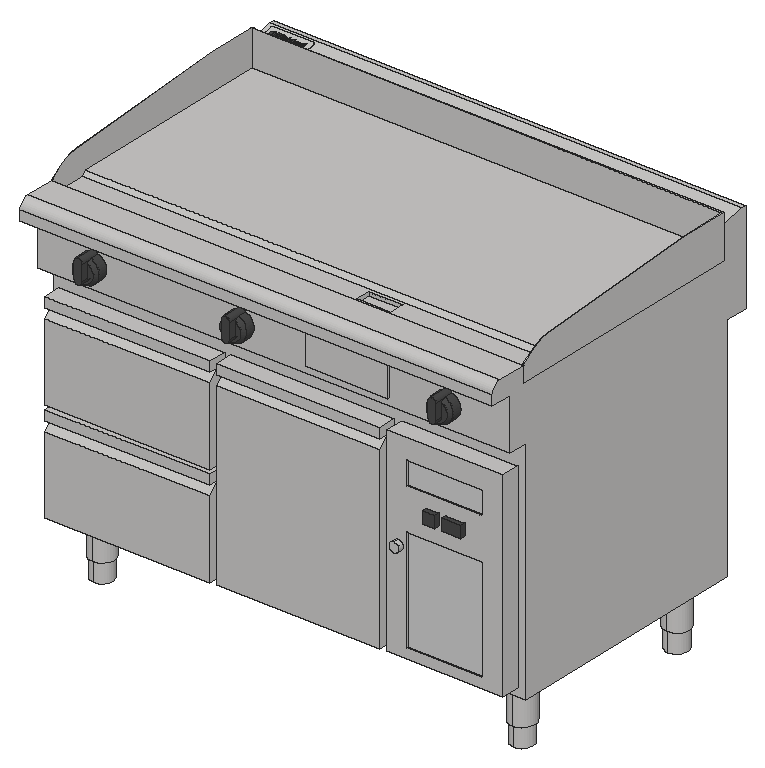
Revit family "QF_MOFFAT WALDORF_GPL8120E-RB", category Specialty Equipment, Revit 2012
Parameters
  Width [instance] = 1200.0 mm  # constant formula
  Weight in Pounds = 396.8316  # constant formula
  Watts = 16200 W
  Volts = 415 V
  URL Cutsheet = "www.moffat.com"
  URL = "www.moffat.com"
  Type Mark [instance] = ""
  Status [instance] = ""
  Specification by User [instance] = ""
  Specification by Manufacturer = ""
  Show Logo [instance] = yes
  Show Clearance [instance] = yes
  Show Casters [instance] = no
  Serial Number = ""
  Seismic Rating = ""
  SMACNA No = ""
  Revision Code [instance] = ""
  Refrigerant Type = "R134a"
  Phase = 3
  Omniclass Number and Title = ""
  Number of Poles = 1
  NAFEM Spec ID Number = ""
  Model = "GPL8120E-RB"
  Min Ckt Ampacity = 0 A
  Max Overcurrent Protection = 0 A
  Masterspec = ""
  Manufacturer = "MOFFAT WALDORF"
  Legs [instance] = not(Show Casters)  # yes
  Item Number [instance] = ""
  Installed By [instance] = ""
  Identify Quantity as Lot [instance] = yes
  Height [instance] = 370.0 mm  # constant formula
  HP = ""
  Furnished By [instance] = ""
  Foodservice Equipment Identifier [instance] = yes
  FL Amps = 22.5 A
  Elec Conn RI Height = 0.0 mm
  Elec Conn Connection Height = 0.0 mm
  Description = "GRIDDLE PLATE LOW SPLASHBACK ELECTRIC ON REFRIGERATED BASE"
  Depth [instance] = 805.0 mm  # constant formula
  Cycle = 50 Hz
  Conn Plug = ""
  Conn Conduit = yes
  CSI MasterFormat = ""
  CSI Master Format = ""
  Base Height [instance] = 150.0 mm
  Apparent Power = if(Phase = 3, Volts * FL Amps * 1.73, Volts * FL Amps)  # 16153.9 VA
Reference planes
  plane 1 "BACK": y = 0
  plane 2: z = 0
  plane 3 "LEFT": x = 0
  plane 4 "RIGHT": x = 1200
  plane 5 "FRONT": y = -805
  plane 6 "TOP": z = 970
  plane 7 "Center Y": x = 600
  plane 8 "Center X": y = -402.5
  plane 9 "Base Height": z = 150
  plane 10: x = 65
  plane 11: x = 1134
  plane 12: z = 915
  plane 13: x = 1181
  plane 14: x = 923
  plane 15: z = 710
  plane 16: y = -135
  plane 17: y = -625
Forms (mm)
  Extrusion 1, solid, material "QF_Finishes_Stainless Steel"
    sketch origin (0, 0, 0) x (0, 1, 0) y (0, 0, 1)
      loop
        line (-805, 891) -> (-805, 866) -> (-749, 866) -> (-749, 735) -> (-699, 735) -> (-699, 150) -> (-59, 150) -> (-59, 735) -> (0, 735) -> (0, 970) -> (-12.853, 970) -> (-62.586, 957.6)
        arc (-62.586, 957.6) -> (-68.508, 953.278) -> (-70, 946.1) r 10.198
        line (-70, 946.1) -> (-70, 875) -> (-705, 875) -> (-705, 915) -> (-781, 915)
        arc (-781, 915) -> (-797.971, 907.971) -> (-805, 891) r 24
    from 0 to 1200
  Extrusion 2, solid, material "QF_Finishes_Stainless Steel"
    sketch origin (705, 3, 100) x (1, 0, 0) y (0, 1, 0)
      loop
        circle (364, -35) r 13.5
    from 610 to 635
  Revolve 3, solid, material "QF_Finishes_Black"
    sketch origin (150, 0, 599.873) x (0, 1, 0) y (0, 0, -1)
      loop
        line (-782, -229.5) -> (-759, -229.5) -> (-759, -202) -> (-749, -202) -> (-749, -197) -> (-793, -197) -> (-793, -223.651) -> (-782, -229.5)
      axis (-793, -197) -> (-749, -197)
    angle from 0 to 360
  Extrusion 4, solid, material "QF_Finishes_Black"
    sketch origin (288.27, 0, 600.031) x (-1, 0, 0) y (0, 0, -1)
      loop
        arc (148.269, -184.969) -> (138.269, -174.969) -> (128.269, -184.969) r 10
        line (128.269, -184.969) -> (128.269, -223.969)
        arc (128.269, -223.969) -> (138.269, -233.969) -> (148.269, -223.969) r 10
        line (148.269, -223.969) -> (148.269, -184.969)
    from 759 to 808
  Extrusion 5, solid, material "QF_Finishes_Stainless Steel"
    sketch origin (42.8, -749, 866) x (0, 0, -1) y (1, 0, 0)
      loop
        line (26.5, 640) -> (113.5, 640) -> (113.5, 850) -> (26.5, 850) -> (26.5, 640)
    from 0 to 2.5
  Extrusion 6, solid, material "QF_Finishes_Stainless Steel"
    sketch origin (42.8, -751.5, 866) x (0, 0, -1) y (1, 0, 0)
      loop
        line (33.5, 850) -> (26.5, 850) -> (26.5, 640) -> (33.5, 640) -> (33.5, 850)
    from 0 to 5
  Revolve 7, solid, material "QF_Finishes_Black"
    sketch origin (1050, 0, 599.873) x (0, 1, 0) y (0, 0, 1)
      loop
        line (-782, 229.5) -> (-793, 223.651) -> (-793, 197) -> (-749, 197) -> (-749, 202) -> (-759, 202) -> (-759, 229.5) -> (-782, 229.5)
      axis (-793, 197) -> (-749, 197)
    angle from 0 to 360
  Extrusion 8, solid, material "QF_Finishes_Black"
    sketch origin (911.73, 0, 600.031) x (1, 0, 0) y (0, 0, 1)
      loop
        line (148.269, 184.969) -> (148.269, 223.969)
        arc (148.269, 223.969) -> (138.269, 233.969) -> (128.269, 223.969) r 10
        line (128.269, 223.969) -> (128.269, 184.969)
        arc (128.269, 184.969) -> (138.269, 174.969) -> (148.269, 184.969) r 10
    from 759 to 808
  Revolve 9, solid, material "QF_Finishes_Black"
    sketch origin (525, 0, 599.873) x (0, 1, 0) y (0, 0, -1)
      loop
        line (-782, -229.5) -> (-759, -229.5) -> (-759, -202) -> (-749, -202) -> (-749, -197) -> (-793, -197) -> (-793, -223.651) -> (-782, -229.5)
      axis (-793, -197) -> (-749, -197)
    angle from 0 to 360
  Extrusion 10, solid, material "QF_Finishes_Black"
    sketch origin (663.27, 0, 600.031) x (-1, 0, 0) y (0, 0, -1)
      loop
        arc (148.269, -184.969) -> (138.269, -174.969) -> (128.269, -184.969) r 10
        line (128.269, -184.969) -> (128.269, -223.969)
        arc (128.269, -223.969) -> (138.269, -233.969) -> (148.269, -223.969) r 10
        line (148.269, -223.969) -> (148.269, -184.969)
    from 759 to 808
  Revolve 11, solid, material "QF_Finishes_Stainless Steel", visible <- "Legs"
    sketch origin (1133, -245, 0) x (0, 1, 0) y (0, 0, -1)
      loop
        line (78.25, -150) -> (110, -150) -> (110, 0) -> (82.5, 0) -> (82.5, -50) -> (78.25, -50) -> (78.25, -150)
      axis (110, -150) -> (110, 0)
    angle from 0 to 360
  Revolve 12, solid, material "QF_Finishes_Stainless Steel"
    sketch origin (1133, -735, 0) x (0, 1, 0) y (0, 0, -1)
      loop
        line (78.25, -150) -> (110, -150) -> (110, 0) -> (82.5, 0) -> (82.5, -50) -> (78.25, -50) -> (78.25, -150)
      axis (110, -150) -> (110, 0)
    angle from 0 to 360
  Revolve 13, solid, material "QF_Finishes_Stainless Steel", visible <- "Legs"
    sketch origin (65, -245, 0) x (0, 1, 0) y (0, 0, -1)
      loop
        line (78.25, -150) -> (110, -150) -> (110, 0) -> (82.5, 0) -> (82.5, -50) -> (78.25, -50) -> (78.25, -150)
      axis (110, -150) -> (110, 0)
    angle from 0 to 360
  Revolve 14, solid, material "QF_Finishes_Stainless Steel"
    sketch origin (65, -735, 0) x (0, 1, 0) y (0, 0, -1)
      loop
        line (78.25, -150) -> (110, -150) -> (110, 0) -> (82.5, 0) -> (82.5, -50) -> (78.25, -50) -> (78.25, -150)
      axis (110, -150) -> (110, 0)
    angle from 0 to 360
  Extrusion 15, solid, material "QF_Finishes_Stainless Steel"
    sketch origin (0, 0, 0) x (0, 1, 0) y (0, 0, 1)
      loop
        line (-749.5, 676.8) -> (-749.5, 651.8) -> (-724.5, 651.8) -> (-749.5, 626.8) -> (-749.5, 429.8) -> (-704.68, 429.8) -> (-704.68, 676.8) -> (-749.5, 676.8)
      loop
        line (-749.5, 419.8) -> (-749.5, 394.8) -> (-724.5, 394.8) -> (-749.5, 369.8) -> (-749.5, 172.8) -> (-704.68, 172.8) -> (-704.68, 419.8) -> (-749.5, 419.8)
    from 19 to 439
  Extrusion 16, solid, material "QF_Finishes_Stainless Steel"
    sketch origin (0, -699, 735) x (0, 0, 1) y (-1, 0, 0)
      loop
        line (-58.2, -1181) -> (-58.2, -887) -> (-562.2, -887) -> (-562.2, -1181) -> (-58.2, -1181)
      loop
        line (-537.2, -1131) -> (-272.2, -1131) -> (-272.2, -937) -> (-537.2, -937) -> (-537.2, -1131)
      loop
        line (-108.2, -1131) -> (-108.2, -937) -> (-168.2, -937) -> (-168.2, -1131) -> (-108.2, -1131)
    from 0 to 48
  Extrusion 17, solid, material "QF_Finishes_Vents"
    sketch origin (0, -699, 735) x (0, 0, -1) y (-1, 0, 0)
      loop
        line (168.2, -937) -> (108.2, -937) -> (108.2, -1131) -> (168.2, -1131) -> (168.2, -937)
      loop
        line (272.2, -937) -> (272.2, -1131) -> (537.2, -1131) -> (537.2, -937) -> (272.2, -937)
    from 0 to -44.529
  Extrusion 18, solid, material "QF_Door-Drawer Clearances", visible <- "Show Clearance", detail levels coarse
    sketch origin (0, -749.5, 172.8) x (0, 0, 1) y (-1, 0, 0)
      loop
        line (0, -19) -> (0, -439) -> (247, -439) -> (247, -19) -> (0, -19)
      loop
        line (257, -19) -> (257, -439) -> (504, -439) -> (504, -19) -> (257, -19)
    from 0 to 304.8
  Extrusion 19, solid, material "QF_Finishes_Stainless Steel"
    sketch origin (1200, 0, 0) x (0, -1, 0) y (0, 0, 1)
      loop
        line (704.68, 172.8) -> (749.5, 172.8) -> (749.5, 626.8) -> (724.5, 651.8) -> (749.5, 651.8) -> (749.5, 676.8) -> (704.68, 676.8) -> (704.68, 172.8)
    from 330.87 to 744.481
  Extrusion 20, solid, material "QF_Door-Drawer Clearances", visible <- "Show Clearance", detail levels coarse
    sketch origin (1200, -749.5, 172.8) x (1, 0, 0) y (0, -1, 0)
      loop
        line (-744.481, 0) -> (-330.87, 0) -> (-330.87, 413.611)
        arc (-330.87, 413.611) -> (-623.337, 292.467) -> (-744.481, 0) r 413.611
    from 0 to -504
  Extrusion 21, solid, material "QF_Finishes_Black"
    sketch origin (0, -747, 735) x (0, 0, 1) y (-1, 0, 0)
      loop
        line (-201.46, -987.426) -> (-231.46, -987.426) -> (-231.46, -1017.426) -> (-201.46, -1017.426) -> (-201.46, -987.426)
      loop
        line (-201.46, -1035.003) -> (-231.46, -1035.003) -> (-231.46, -1083.315) -> (-201.46, -1083.315) -> (-201.46, -1035.003)
    from 0 to 12.7
  Extrusion 22, solid, material "QF_Finishes_Stainless Steel"
    sketch origin (0, -747, 735) x (0, 0, 1) y (-1, 0, 0)
      loop
        circle (-310.229, -914.856) r 12.395
    from 0 to 12.7
Cuts and joins
  joined: Extrusion 5, Extrusion 6
Lines and regions (mm)
  Split face 1
    outline origin (49.063, -19.917, 968.239) x (0, -0.970296, -0.241922) y (1, 0, 0)
      loop
        line (-2.103, 105.5) -> (35.836, 105.5) -> (35.836, 125.5) -> (-2.103, 125.5) -> (-2.103, 105.5)
  Split face 2
    outline origin (99.063, -19.917, 968.239) x (0, -0.970296, -0.241922) y (1, 0, 0)
      loop
        line (-2.103, 105.5) -> (35.836, 105.5) -> (35.836, 125.5) -> (-2.103, 125.5) -> (-2.103, 105.5)
  Split face 3
    outline origin (149.063, -19.917, 968.239) x (0, -0.970296, -0.241922) y (1, 0, 0)
      loop
        line (-2.103, 105.5) -> (35.836, 105.5) -> (35.836, 125.5) -> (-2.103, 125.5) -> (-2.103, 105.5)
  Split face 4
    outline origin (199.063, -19.917, 968.239) x (0, -0.970296, -0.241922) y (1, 0, 0)
      loop
        line (-2.103, 105.5) -> (35.836, 105.5) -> (35.836, 125.5) -> (-2.103, 125.5) -> (-2.103, 105.5)
  Split face 5
    outline origin (249.063, -19.917, 968.239) x (0, -0.970296, -0.241922) y (1, 0, 0)
      loop
        line (-2.103, 105.5) -> (35.836, 105.5) -> (35.836, 125.5) -> (-2.103, 125.5) -> (-2.103, 105.5)
  Split face 6
    outline origin (299.063, -19.917, 968.239) x (0, -0.970296, -0.241922) y (1, 0, 0)
      loop
        line (-2.103, 105.5) -> (35.836, 105.5) -> (35.836, 125.5) -> (-2.103, 125.5) -> (-2.103, 105.5)
  Split face 7
    outline origin (51.563, -19.917, 968.239) x (0, -0.970296, -0.241922) y (1, 0, 0)
      loop
        line (-2.103, 405.5) -> (35.836, 405.5) -> (35.836, 425.5) -> (-2.103, 425.5) -> (-2.103, 405.5)
  Split face 8
    outline origin (101.563, -19.917, 968.239) x (0, -0.970296, -0.241922) y (1, 0, 0)
      loop
        line (-2.103, 405.5) -> (35.836, 405.5) -> (35.836, 425.5) -> (-2.103, 425.5) -> (-2.103, 405.5)
  Split face 9
    outline origin (151.563, -19.917, 968.239) x (0, -0.970296, -0.241922) y (1, 0, 0)
      loop
        line (-2.103, 405.5) -> (35.836, 405.5) -> (35.836, 425.5) -> (-2.103, 425.5) -> (-2.103, 405.5)
  Split face 10
    outline origin (201.563, -19.917, 968.239) x (0, -0.970296, -0.241922) y (1, 0, 0)
      loop
        line (-2.103, 405.5) -> (35.836, 405.5) -> (35.836, 425.5) -> (-2.103, 425.5) -> (-2.103, 405.5)
  Split face 11
    outline origin (251.563, -19.917, 968.239) x (0, -0.970296, -0.241922) y (1, 0, 0)
      loop
        line (-2.103, 405.5) -> (35.836, 405.5) -> (35.836, 425.5) -> (-2.103, 425.5) -> (-2.103, 405.5)
  Split face 12
    outline origin (301.563, -19.917, 968.239) x (0, -0.970296, -0.241922) y (1, 0, 0)
      loop
        line (-2.103, 405.5) -> (35.836, 405.5) -> (35.836, 425.5) -> (-2.103, 425.5) -> (-2.103, 405.5)
  Split face 13
    outline origin (351.563, -19.917, 968.239) x (0, -0.970296, -0.241922) y (1, 0, 0)
      loop
        line (-2.103, 405.5) -> (35.836, 405.5) -> (35.836, 425.5) -> (-2.103, 425.5) -> (-2.103, 405.5)
  Split face 14
    outline origin (402.31, -19.917, 968.239) x (0, -0.970296, -0.241922) y (1, 0, 0)
      loop
        line (-2.103, 405.5) -> (35.836, 405.5) -> (35.836, 425.5) -> (-2.103, 425.5) -> (-2.103, 405.5)
  Split face 15
    outline origin (452.31, -19.917, 968.239) x (0, -0.970296, -0.241922) y (1, 0, 0)
      loop
        line (-2.103, 405.5) -> (35.836, 405.5) -> (35.836, 425.5) -> (-2.103, 425.5) -> (-2.103, 405.5)
  symbolic lines, visible <- "Show Logo"
    curve 1: line (12.5, -52.06, 0) -> (12.5, -21.099, 0)
    curve 2: line (121.5, -21.099, 0) -> (121.5, -52.06, 0)
    curve 3: line (12.5, -21.099, 0) -> (121.5, -21.099, 0)
    curve 4: line (12.5, -52.06, 0) -> (121.5, -52.06, 0)
  symbolic lines
    curve 5: line (154.563, -50.782, 0) -> (154.563, -20.984, 0)
    curve 6: line (154.563, -20.984, 0) -> (174.562, -20.984, 0)
    curve 7: line (174.562, -20.984, 0) -> (174.562, -50.782, 0)
    curve 8: line (174.562, -50.782, 0) -> (154.563, -50.782, 0)
    curve 9: line (204.563, -20.984, 0) -> (204.563, -50.782, 0)
    curve 10: line (204.563, -50.782, 0) -> (224.562, -50.782, 0)
    curve 11: line (224.562, -50.782, 0) -> (224.562, -20.984, 0)
    curve 12: line (224.562, -20.984, 0) -> (204.563, -20.984, 0)
    curve 13: line (254.563, -20.984, 0) -> (254.563, -50.782, 0)
    curve 14: line (254.563, -50.782, 0) -> (274.562, -50.782, 0)
    curve 15: line (274.562, -50.782, 0) -> (274.562, -20.984, 0)
    curve 16: line (274.562, -20.984, 0) -> (254.563, -20.984, 0)
    curve 17: line (0, -805, 0) -> (1200, -805, 0)
    curve 18: line (0, 0, 0) -> (0, -805, 0)
    curve 19: line (1200, 0, 0) -> (0, 0, 0)
    curve 20: line (0, -70, 0) -> (1200, -70, 0)
    curve 21: line (1200, -705, 0) -> (0, -705, 0)
    curve 22: line (304.563, -20.984, 0) -> (304.563, -50.782, 0)
    curve 23: line (304.563, -50.782, 0) -> (324.562, -50.782, 0)
    curve 24: line (324.562, -50.782, 0) -> (324.562, -20.984, 0)
    curve 25: line (324.562, -20.984, 0) -> (304.563, -20.984, 0)
    curve 26: line (354.563, -20.984, 0) -> (354.563, -50.782, 0)
    curve 27: line (354.563, -50.782, 0) -> (374.562, -50.782, 0)
    curve 28: line (374.562, -50.782, 0) -> (374.562, -20.984, 0)
    curve 29: line (374.562, -20.984, 0) -> (354.563, -20.984, 0)
    curve 30: line (404.563, -20.984, 0) -> (404.563, -50.782, 0)
    curve 31: line (404.563, -50.782, 0) -> (424.562, -50.782, 0)
    curve 32: line (424.562, -50.782, 0) -> (424.562, -20.984, 0)
    curve 33: line (424.562, -20.984, 0) -> (404.563, -20.984, 0)
    curve 34: line (457.063, -20.984, 0) -> (457.063, -50.782, 0)
    curve 35: line (457.063, -50.782, 0) -> (477.063, -50.782, 0)
    curve 36: line (477.063, -50.782, 0) -> (477.063, -20.984, 0)
    curve 37: line (477.063, -20.984, 0) -> (457.063, -20.984, 0)
    curve 38: line (507.063, -20.984, 0) -> (507.063, -50.782, 0)
    curve 39: line (507.063, -50.782, 0) -> (527.063, -50.782, 0)
    curve 40: line (527.063, -50.782, 0) -> (527.063, -20.984, 0)
    curve 41: line (527.063, -20.984, 0) -> (507.063, -20.984, 0)
    curve 42: line (557.063, -50.782, 0) -> (577.063, -50.782, 0)
    curve 43: line (577.063, -50.782, 0) -> (577.063, -20.984, 0)
    curve 44: line (577.063, -20.984, 0) -> (557.063, -20.984, 0)
    curve 45: line (557.063, -20.984, 0) -> (557.063, -50.782, 0)
    curve 46: line (607.063, -50.782, 0) -> (627.063, -50.782, 0)
    curve 47: line (627.063, -50.782, 0) -> (627.063, -20.984, 0)
    curve 48: line (627.063, -20.984, 0) -> (607.063, -20.984, 0)
    curve 49: line (607.063, -20.984, 0) -> (607.063, -50.782, 0)
    curve 50: line (677.063, -50.782, 0) -> (657.063, -50.782, 0)
    curve 51: line (657.063, -50.782, 0) -> (657.063, -20.984, 0)
    curve 52: line (657.063, -20.984, 0) -> (677.063, -20.984, 0)
    curve 53: line (677.063, -20.984, 0) -> (677.063, -50.782, 0)
    curve 54: line (707.063, -50.782, 0) -> (727.063, -50.782, 0)
    curve 55: line (727.063, -50.782, 0) -> (727.063, -20.984, 0)
    curve 56: line (727.063, -20.984, 0) -> (707.063, -20.984, 0)
    curve 57: line (707.063, -20.984, 0) -> (707.063, -50.782, 0)
    curve 58: line (757.063, -50.782, 0) -> (777.063, -50.782, 0)
    curve 59: line (777.063, -50.782, 0) -> (777.063, -20.984, 0)
    curve 60: line (777.063, -20.984, 0) -> (757.063, -20.984, 0)
    curve 61: line (757.063, -20.984, 0) -> (757.063, -50.782, 0)
    curve 62: line (807.81, -50.782, 0) -> (827.81, -50.782, 0)
    curve 63: line (827.81, -50.782, 0) -> (827.81, -20.984, 0)
    curve 64: line (827.81, -20.984, 0) -> (807.81, -20.984, 0)
    curve 65: line (807.81, -20.984, 0) -> (807.81, -50.782, 0)
    curve 66: line (857.81, -50.782, 0) -> (877.81, -50.782, 0)
    curve 67: line (877.81, -50.782, 0) -> (877.81, -20.984, 0)
    curve 68: line (877.81, -20.984, 0) -> (857.81, -20.984, 0)
    curve 69: line (857.81, -20.984, 0) -> (857.81, -50.782, 0)
    curve 75: line (1200, -805, 0) -> (1200, 0, 0)
  symbolic lines, style "QF_Door-Drawer Clearances"
    curve 70: line (19, -805, 150) -> (19, -1054.3, 150)
    curve 71: line (19, -1054.3, 150) -> (439, -1054.3, 150)
    curve 72: line (439, -1054.3, 150) -> (439, -805, 150)
    curve 73: line (789.868, -805, 150) -> (530.32, -986.737, 150)
    curve 74: arc (530.32, -986.737, 150) -> (483.996, -900.317, 150) -> (459.317, -805.422, 150) r 413.611
Dimensions and locks
  equal spacing: plane 3 "LEFT", plane 7 "Center Y", plane 4 "RIGHT"
  "Width": plane 3 "LEFT" to plane 4 "RIGHT"
  equal spacing: plane 5 "FRONT", plane 8 "Center X", plane 1 "BACK"
  "Depth": plane 5 "FRONT" to plane 1 "BACK"
  "Base Height": plane 9 "Base Height" to level
  plane 11 to plane 10 = 1069.0 mm
  plane 6 "TOP" to level = 970.0 mm
  plane 12 to level = 915.0 mm
  Extrusion 16 sketch curve to Extrusion 16 sketch curve = 294.0 mm
  plane 14 to plane 4 "RIGHT" = 277.0 mm
  plane 15 to level = 710.0 mm
  plane 17 to plane 16 = 490.0 mm
  aligned and locked: level to plane 2
Automatic sketch dimensions
  curve 17 to plane 3 "LEFT" = 0.0 mm
  plane 1 "BACK" to curve 19 = 0.0 mm
  curve 19 to plane 4 "RIGHT" = 0.0 mm
  plane 5 "FRONT" to curve 17 = 0.0 mm
  plane 3 "LEFT" to curve 1 = 12.5 mm
  plane 10 to curve 4 = 56.5 mm
  curve 2 to curve 6 = 33.062 mm
  curve 5 to curve 8 = 20.0 mm
  curve 6 to curve 12 = 30.0 mm
  curve 9 to curve 10 = 20.0 mm
  curve 11 to curve 16 = 30.0 mm
  curve 13 to curve 15 = 20.0 mm
  curve 15 to curve 22 = 30.0 mm
  curve 22 to curve 24 = 20.0 mm
  curve 23 to curve 26 = 30.0 mm
  curve 26 to curve 27 = 20.0 mm
  curve 27 to curve 30 = 30.0 mm
  curve 30 to curve 32 = 20.0 mm
  curve 31 to curve 34 = 32.5 mm
  curve 34 to curve 35 = 20.0 mm
  curve 36 to curve 38 = 30.0 mm
  curve 38 to curve 41 = 20.0 mm
  curve 39 to curve 42 = 30.0 mm
  curve 44 to curve 43 = 20.0 mm
  plane 7 "Center Y" to curve 48 = 7.063 mm
  curve 46 to curve 46 = 20.0 mm
  curve 47 to curve 52 = 30.0 mm
  curve 51 to curve 53 = 20.0 mm
  curve 50 to curve 54 = 30.0 mm
  curve 56 to curve 56 = 20.0 mm
  curve 55 to curve 61 = 30.0 mm
  curve 58 to curve 58 = 20.0 mm
  curve 58 to curve 62 = 30.748 mm
  curve 62 to curve 62 = 20.0 mm
  curve 63 to curve 68 = 30.0 mm
  curve 66 to curve 66 = 20.0 mm
  curve 21 to plane 5 "FRONT" = 100.0 mm
  curve 20 to curve 19 = 70.0 mm
  plane 1 "BACK" to curve 2 = 52.06 mm
  plane 1 "BACK" to curve 7 = 50.782 mm
  plane 1 "BACK" to curve 59 = 50.782 mm
  curve 7 to curve 9 = 0.0 mm
  curve 57 to curve 58 = 0.0 mm
  curve 10 to curve 13 = 0.0 mm
  curve 53 to curve 54 = 0.0 mm
  curve 58 to curve 62 = 0.0 mm
  curve 62 to curve 66 = 0.0 mm
  curve 49 to curve 50 = 0.0 mm
  curve 14 to curve 22 = 0.0 mm
  curve 45 to curve 46 = 0.0 mm
  curve 23 to curve 26 = 0.0 mm
  curve 40 to curve 42 = 0.0 mm
  curve 27 to curve 30 = 0.0 mm
  curve 36 to curve 38 = 0.0 mm
  plane 1 "BACK" to curve 2 = 21.099 mm
  plane 1 "BACK" to curve 33 = 20.984 mm
  plane 1 "BACK" to curve 40 = 20.984 mm
  plane 1 "BACK" to curve 29 = 20.984 mm
  plane 1 "BACK" to curve 43 = 20.984 mm
  plane 1 "BACK" to curve 25 = 20.984 mm
  plane 1 "BACK" to curve 47 = 20.984 mm
  plane 1 "BACK" to curve 69 = 20.984 mm
  plane 1 "BACK" to curve 52 = 20.984 mm
  plane 1 "BACK" to curve 16 = 20.984 mm
  plane 1 "BACK" to curve 55 = 20.984 mm
  plane 1 "BACK" to curve 12 = 20.984 mm
  plane 1 "BACK" to curve 59 = 20.984 mm
  plane 1 "BACK" to curve 7 = 20.984 mm
  plane 1 "BACK" to curve 63 = 20.984 mm
  plane 1 "BACK" to curve 37 = 20.984 mm
  plane 1 "BACK" to Extrusion 2 sketch curve = 32.0 mm
  plane 11 to Extrusion 2 sketch curve = 65.0 mm
  Revolve 3 sketch curve to plane 5 "FRONT" = 12.0 mm
  Revolve 3 sketch curve to Revolve 3 sketch curve = 0.0 mm  (x2)
  Revolve 3 sketch curve to Revolve 3 sketch curve = 11.0 mm
  Revolve 3 sketch curve to Revolve 3 sketch curve = 12.7 mm
  Revolve 3 sketch curve to Revolve 3 sketch curve = 23.0 mm
  Revolve 3 sketch curve to Revolve 3 sketch curve = 10.0 mm
  Revolve 3 sketch curve to plane 12 = 85.627 mm
  Revolve 3 sketch curve to Revolve 3 sketch curve = 5.849 mm
  Revolve 3 sketch curve to Revolve 3 sketch curve = 27.5 mm
  Revolve 3 sketch curve to Revolve 3 sketch curve = 5.0 mm
  plane 10 to Extrusion 4 sketch curve = 95.001 mm
  Extrusion 4 sketch curve to Extrusion 4 sketch curve = 10.0 mm
  Extrusion 4 sketch curve to plane 12 = 91.0 mm
  Extrusion 4 sketch curve to Extrusion 4 sketch curve = 39.0 mm
  Extrusion 1 to Split face 1 sketch curve = 5.177 mm
  Split face 1 sketch curve to Extrusion 1 = 8.139 mm
  Split face 1 sketch curve to Extrusion 1 = 154.563 mm
  Split face 1 sketch curve to Split face 1 sketch curve = 20.0 mm
  Extrusion 1 to Split face 2 sketch curve = 5.177 mm
  Split face 2 sketch curve to Extrusion 1 = 8.139 mm
  Split face 2 sketch curve to Extrusion 1 = 204.563 mm
  Split face 2 sketch curve to Split face 2 sketch curve = 20.0 mm
  Extrusion 1 to Split face 3 sketch curve = 5.177 mm
  Split face 3 sketch curve to Extrusion 1 = 8.139 mm
  Split face 3 sketch curve to Extrusion 1 = 254.563 mm
  Split face 3 sketch curve to Split face 3 sketch curve = 20.0 mm
  Extrusion 1 to Extrusion 5 sketch curve = 26.5 mm
  Extrusion 5 sketch curve to Extrusion 1 = 17.5 mm
  Extrusion 1 to Extrusion 5 sketch curve = 517.2 mm
  Extrusion 5 sketch curve to Extrusion 5 sketch curve = 210.0 mm
  Extrusion 6 sketch curve to Extrusion 5 = 0.0 mm  (x2)
  Extrusion 5 to Extrusion 6 sketch curve = 0.0 mm
  Extrusion 6 sketch curve to Extrusion 6 sketch curve = 7.0 mm
  Extrusion 1 to Split face 4 sketch curve = 5.177 mm
  Split face 4 sketch curve to Extrusion 1 = 8.139 mm
  Split face 4 sketch curve to Extrusion 1 = 304.563 mm
  Split face 4 sketch curve to Split face 4 sketch curve = 20.0 mm
  Extrusion 1 to Split face 5 sketch curve = 5.177 mm
  Split face 5 sketch curve to Extrusion 1 = 8.139 mm
  Split face 5 sketch curve to Extrusion 1 = 354.563 mm
  Split face 5 sketch curve to Split face 5 sketch curve = 20.0 mm
  Extrusion 1 to Split face 6 sketch curve = 5.177 mm
  Split face 6 sketch curve to Extrusion 1 = 8.139 mm
  Split face 6 sketch curve to Extrusion 1 = 404.563 mm
  Split face 6 sketch curve to Split face 6 sketch curve = 20.0 mm
  Extrusion 1 to Split face 7 sketch curve = 5.177 mm
  Split face 7 sketch curve to Extrusion 1 = 8.139 mm
  Split face 7 sketch curve to Extrusion 1 = 457.063 mm
  Split face 7 sketch curve to Split face 7 sketch curve = 20.0 mm
  Extrusion 1 to Split face 8 sketch curve = 5.177 mm
  Split face 8 sketch curve to Extrusion 1 = 8.139 mm
  Split face 8 sketch curve to Extrusion 1 = 507.063 mm
  Split face 8 sketch curve to Split face 8 sketch curve = 20.0 mm
  Extrusion 1 to Split face 9 sketch curve = 5.177 mm
  Split face 9 sketch curve to Extrusion 1 = 8.139 mm
  Split face 9 sketch curve to Extrusion 1 = 557.063 mm
  Split face 9 sketch curve to Split face 9 sketch curve = 20.0 mm
  Extrusion 1 to Split face 10 sketch curve = 5.177 mm
  Split face 10 sketch curve to Extrusion 1 = 8.139 mm
  Split face 10 sketch curve to Extrusion 1 = 592.937 mm
  Split face 10 sketch curve to Split face 10 sketch curve = 20.0 mm
  Extrusion 1 to Split face 11 sketch curve = 5.177 mm
  Split face 11 sketch curve to Extrusion 1 = 8.139 mm
  Split face 11 sketch curve to Extrusion 1 = 542.937 mm
  Split face 11 sketch curve to Split face 11 sketch curve = 20.0 mm
  Revolve 7 sketch curve to plane 5 "FRONT" = 12.0 mm
  Revolve 7 sketch curve to Revolve 7 sketch curve = 0.0 mm  (x2)
  Revolve 7 sketch curve to Revolve 7 sketch curve = 11.0 mm
  Revolve 7 sketch curve to Revolve 7 sketch curve = 12.7 mm
  Revolve 7 sketch curve to Revolve 7 sketch curve = 23.0 mm
  Revolve 7 sketch curve to Revolve 7 sketch curve = 10.0 mm
  Revolve 7 sketch curve to plane 12 = 118.127 mm
  Revolve 7 sketch curve to Revolve 7 sketch curve = 5.0 mm
  Revolve 7 sketch curve to Revolve 7 sketch curve = 26.651 mm
  Revolve 7 sketch curve to Revolve 7 sketch curve = 5.849 mm
  plane 11 to Extrusion 8 sketch curve = 94.001 mm
  Extrusion 8 sketch curve to Extrusion 8 sketch curve = 10.0 mm
  Extrusion 8 sketch curve to plane 12 = 130.0 mm
  Extrusion 8 sketch curve to Extrusion 8 sketch curve = 39.0 mm
  Revolve 9 sketch curve to plane 5 "FRONT" = 12.0 mm
  Revolve 9 sketch curve to Revolve 9 sketch curve = 0.0 mm  (x2)
  Revolve 9 sketch curve to Revolve 9 sketch curve = 11.0 mm
  Revolve 9 sketch curve to Revolve 9 sketch curve = 12.7 mm
  Revolve 9 sketch curve to Revolve 9 sketch curve = 23.0 mm
  Revolve 9 sketch curve to Revolve 9 sketch curve = 10.0 mm
  Revolve 9 sketch curve to plane 12 = 85.627 mm
  Revolve 9 sketch curve to Revolve 9 sketch curve = 5.849 mm
  Revolve 9 sketch curve to Revolve 9 sketch curve = 27.5 mm
  Revolve 9 sketch curve to Revolve 9 sketch curve = 5.0 mm
  Extrusion 10 sketch curve to plane 7 "Center Y" = 64.999 mm
  Extrusion 10 sketch curve to Extrusion 10 sketch curve = 10.0 mm
  Extrusion 10 sketch curve to plane 12 = 91.0 mm
  Extrusion 10 sketch curve to Extrusion 10 sketch curve = 39.0 mm
  Extrusion 1 to Split face 12 sketch curve = 5.177 mm
  Split face 12 sketch curve to Extrusion 1 = 8.139 mm
  Split face 12 sketch curve to Extrusion 1 = 492.937 mm
  Split face 12 sketch curve to Split face 12 sketch curve = 20.0 mm
  Extrusion 1 to Split face 13 sketch curve = 5.177 mm
  Split face 13 sketch curve to Extrusion 1 = 8.139 mm
  Split face 13 sketch curve to Extrusion 1 = 442.937 mm
  Split face 13 sketch curve to Split face 13 sketch curve = 20.0 mm
  Extrusion 1 to Split face 14 sketch curve = 5.177 mm
  Split face 14 sketch curve to Extrusion 1 = 8.139 mm
  Split face 14 sketch curve to Extrusion 1 = 392.19 mm
  Split face 14 sketch curve to Split face 14 sketch curve = 20.0 mm
  Extrusion 1 to Split face 15 sketch curve = 5.177 mm
  Split face 15 sketch curve to Extrusion 1 = 8.139 mm
  Split face 15 sketch curve to Extrusion 1 = 342.19 mm
  Split face 15 sketch curve to Split face 15 sketch curve = 20.0 mm
  Revolve 11 sketch curve to plane 9 "Base Height" = 0.0 mm
  Revolve 11 sketch curve to level = 0.0 mm
  level to Revolve 11 sketch curve = 50.0 mm
  plane 1 "BACK" to Revolve 11 sketch curve = 166.75 mm
  Revolve 11 sketch curve to Revolve 11 sketch curve = 4.25 mm
  Revolve 11 sketch curve to Revolve 11 sketch curve = 27.5 mm  (x2)
  Revolve 11 sketch curve to Revolve 11 sketch curve = 0.0 mm
  Revolve 11 sketch curve to Revolve 11 sketch curve = 55.0 mm
  Revolve 12 sketch curve to plane 9 "Base Height" = 0.0 mm
  Revolve 12 sketch curve to level = 0.0 mm
  level to Revolve 12 sketch curve = 50.0 mm
  Revolve 12 sketch curve to plane 5 "FRONT" = 148.25 mm
  Revolve 12 sketch curve to Revolve 12 sketch curve = 4.25 mm
  Revolve 12 sketch curve to Revolve 12 sketch curve = 27.5 mm  (x2)
  Revolve 12 sketch curve to Revolve 12 sketch curve = 0.0 mm
  Revolve 12 sketch curve to Revolve 12 sketch curve = 55.0 mm
  Revolve 13 sketch curve to plane 9 "Base Height" = 0.0 mm
  Revolve 13 sketch curve to level = 0.0 mm
  level to Revolve 13 sketch curve = 50.0 mm
  plane 1 "BACK" to Revolve 13 sketch curve = 166.75 mm
  Revolve 13 sketch curve to Revolve 13 sketch curve = 4.25 mm
  Revolve 13 sketch curve to Revolve 13 sketch curve = 27.5 mm  (x2)
  Revolve 13 sketch curve to Revolve 13 sketch curve = 0.0 mm
  Revolve 13 sketch curve to Revolve 13 sketch curve = 55.0 mm
  Revolve 14 sketch curve to plane 9 "Base Height" = 0.0 mm
  Revolve 14 sketch curve to level = 0.0 mm
  level to Revolve 14 sketch curve = 50.0 mm
  Revolve 14 sketch curve to plane 5 "FRONT" = 148.25 mm
  Revolve 14 sketch curve to Revolve 14 sketch curve = 4.25 mm
  Revolve 14 sketch curve to Revolve 14 sketch curve = 27.5 mm  (x2)
  Revolve 14 sketch curve to Revolve 14 sketch curve = 0.0 mm
  Revolve 14 sketch curve to Revolve 14 sketch curve = 55.0 mm
  Extrusion 1 sketch curve to plane 5 "FRONT" = 0.0 mm
  Extrusion 1 sketch curve to plane 12 = 0.0 mm
  Extrusion 1 sketch curve to plane 6 "TOP" = 0.0 mm
  Extrusion 1 sketch curve to plane 1 "BACK" = 0.0 mm
  Extrusion 1 sketch curve to plane 5 "FRONT" = 24.0 mm
  Extrusion 1 sketch curve to plane 5 "FRONT" = 56.0 mm
  Extrusion 1 sketch curve to Extrusion 1 sketch curve = 44.0 mm
  plane 1 "BACK" to Extrusion 1 sketch curve = 70.0 mm
  Extrusion 1 sketch curve to Extrusion 1 sketch curve = 7.414 mm
  Extrusion 1 sketch curve to Extrusion 1 sketch curve = 10.063 mm
  plane 1 "BACK" to Extrusion 1 sketch curve = 12.853 mm
  Extrusion 1 sketch curve to Extrusion 1 sketch curve = 25.0 mm
  Extrusion 1 sketch curve to Extrusion 1 sketch curve = 40.0 mm
  Extrusion 1 sketch curve to plane 6 "TOP" = 23.9 mm
  Extrusion 1 sketch curve to Extrusion 1 sketch curve = 1.652 mm
  Extrusion 1 sketch curve to plane 9 "Base Height" = 0.0 mm
  Extrusion 1 sketch curve to plane 5 "FRONT" = 106.0 mm
  level to Extrusion 16 sketch curve = 172.8 mm
  Extrusion 16 sketch curve to plane 13 = 0.0 mm
  level to Extrusion 16 sketch curve = 197.8 mm
  plane 11 to Extrusion 16 sketch curve = 3.0 mm  (x2)
  plane 9 "Base Height" to Extrusion 16 sketch curve = 312.8 mm
  Extrusion 16 sketch curve to Extrusion 16 sketch curve = 104.0 mm
  Extrusion 16 sketch curve to Extrusion 16 sketch curve = 60.0 mm
  Extrusion 16 sketch curve to Extrusion 16 sketch curve = 50.0 mm  (x2)
  Extrusion 16 sketch curve to Extrusion 16 sketch curve = 0.0 mm
  Extrusion 16 to Extrusion 17 sketch curve = 0.0 mm  (x3)
  Extrusion 17 sketch curve to Extrusion 16 = 0.0 mm  (x5)
  level to Extrusion 18 sketch curve = 172.8 mm
  plane 9 "Base Height" to Extrusion 18 sketch curve = 269.8 mm
  Extrusion 18 sketch curve to Extrusion 18 sketch curve = 10.0 mm
  plane 3 "LEFT" to Extrusion 18 sketch curve = 19.0 mm  (x2)
  Extrusion 18 sketch curve to plane 7 "Center Y" = 161.0 mm
  Extrusion 18 sketch curve to Extrusion 18 sketch curve = 0.0 mm
  Extrusion 20 sketch curve to Extrusion 19 = 0.0 mm  (x3)
  Extrusion 21 sketch curve to Extrusion 16 = 40.74 mm  (x2)
  Extrusion 21 sketch curve to Extrusion 21 sketch curve = 30.0 mm  (x3)
  Extrusion 16 to Extrusion 21 sketch curve = 47.685 mm
  Extrusion 21 sketch curve to Extrusion 21 sketch curve = 48.312 mm
  Extrusion 21 sketch curve to Extrusion 21 sketch curve = 17.577 mm
  Extrusion 16 to Extrusion 22 sketch curve = 38.029 mm
  Extrusion 22 sketch curve to Extrusion 16 = 22.144 mm
  Extrusion 15 sketch curve to plane 5 "FRONT" = 55.5 mm  (x2)
  Extrusion 15 sketch curve to Extrusion 15 sketch curve = 0.0 mm  (x2)
  Extrusion 15 sketch curve to Extrusion 15 sketch curve = 25.0 mm  (x6)
  Extrusion 15 sketch curve to Extrusion 15 sketch curve = 44.82 mm
  Extrusion 15 sketch curve to Extrusion 15 sketch curve = 19.82 mm
  Extrusion 15 sketch curve to Extrusion 15 sketch curve = 197.0 mm  (x2)
  Extrusion 15 sketch curve to Extrusion 15 sketch curve = 10.0 mm
  plane 9 "Base Height" to Extrusion 15 sketch curve = 22.8 mm
  plane 9 "Base Height" to Extrusion 19 sketch curve = 22.8 mm
  Extrusion 19 sketch curve to plane 5 "FRONT" = 100.32 mm
  Extrusion 19 sketch curve to Extrusion 19 sketch curve = 19.82 mm
  Extrusion 19 sketch curve to Extrusion 19 sketch curve = 25.0 mm  (x3)
  Extrusion 19 sketch curve to Extrusion 19 sketch curve = 0.0 mm
  plane 1 "BACK" to Extrusion 1 sketch curve = 59.0 mm
  Extrusion 1 sketch curve to Extrusion 1 sketch curve = 140.0 mm  (x2)
  Extrusion 18 sketch curve to plane 12 = 238.2 mm
  Extrusion 19 sketch curve to plane 12 = 288.2 mm
  plane 5 "FRONT" to curve 73 = 0.0 mm
  plane 5 "FRONT" to curve 72 = 0.0 mm
  plane 5 "FRONT" to curve 70 = 0.0 mm
  curve 74 to plane 14 = 53.87 mm
  curve 74 to curve 73 = 79.262 mm
  curve 73 to plane 7 "Center Y" = 69.68 mm
  plane 5 "FRONT" to curve 74 = 0.422 mm
  curve 74 to plane 7 "Center Y" = 140.683 mm
  curve 74 to curve 72 = 20.317 mm
  plane 3 "LEFT" to curve 70 = 19.0 mm
  curve 74 to plane 5 "FRONT" = 55.5 mm
  plane 5 "FRONT" to curve 70 = 249.3 mm
  radius of Extrusion 2 sketch curve = 13.5 mm
  radius of Extrusion 22 sketch curve = 12.395 mm
Nested families
  nested 1: "GAS GRIDDLE PLATE" at (0, -70, 874.5), type "GAS GRIDDLE PLATE"
    with Type Mark "", Status "", Specification by User "", Show Clearance yes, Revision Code "", Item Number "", Installed By "", Identify Quantity as Lot yes, Furnished By "", Foodservice Equipment Identifier yes
  nested 2: "GPL8120E-CB-CASTERS" at (65, -162.5, 0), Show Casters <- "Show Casters", visible <- "Show Casters", type "GPL8120E-CB-CASTERS"
    with Type Mark "", Status "", Specification by User "", Show Casters no, Revision Code "", Item Number "", Installed By "", Identify Quantity as Lot yes, Furnished By "", Foodservice Equipment Identifier yes
  nested 3: "GPL8120E-CB-CASTERS" at (1134, -162.5, 0), Show Casters <- "Show Casters", visible <- "Show Casters", type "GPL8120E-CB-CASTERS"
    with Type Mark "", Status "", Specification by User "", Show Casters no, Revision Code "", Item Number "", Installed By "", Identify Quantity as Lot yes, Furnished By "", Foodservice Equipment Identifier yes
  nested 4: "WALDORF LOGO_FACE BASE" at (12.5, -20.649, 968.056) x (1, 0, 0) z (0, -0.2419, 0.9703), visible <- "Show Logo", type "WALDORF LOGO_FACE BASE", detail levels medium+fine
    with Show Logo yes
Connectors
  electrical at (1069, -32, 710), driven by "Volts", driven by "Watts"
    settings: on Extrusion 2, index 1, voltage 415 V, apparent load 16200 VA, apparent load phase1 0 VA, apparent load phase2 0 VA, apparent load phase3 0 VA, power factor 1, load classification "Other", number of poles 1, system type 30, power factor state 1, is connector primary yes, connector utility no, sub classification motor no, connector description "ELECTRICAL CONNECTION"
Definition of nested family "GAS GRIDDLE PLATE"
  Parameters (values of type "GAS GRIDDLE PLATE")
    Weight in Pounds = 0
    URL Cutsheet = ""
    Type Mark [instance] = ""
    Status [instance] = ""
    Specification by User [instance] = ""
    Specification by Manufacturer = ""
    Show Clearance [instance] = yes
    Serial Number = ""
    Seismic Rating = ""
    SMACNA No = ""
    Revision Code [instance] = ""
    Omniclass Number and Title = ""
    NAFEM Spec ID Number = ""
    Masterspec = ""
    Item Number [instance] = ""
    Installed By [instance] = ""
    Identify Quantity as Lot [instance] = yes
    Furnished By [instance] = ""
    Foodservice Equipment Identifier [instance] = yes
    CSI MasterFormat = ""
    CSI Master Format = ""
  Reference planes
    plane 1 "BACK": y = 0
    plane 2: z = 0
    plane 3 "LEFT": x = 0
    plane 4 "RIGHT": x = 1200
    plane 5 "FRONT": y = -634.4
    plane 6 "TOP": z = 142.5
    plane 7 "Center Y": x = 600
    plane 8 "Center X": y = -317.2
  Forms (mm)
    Extrusion 1, solid, material "QF_Finishes_Stainless Steel"
      sketch origin (0, 70.003, -874.5) x (0, 1, 0) y (0, 0, 1)
        loop
          line (-70, 875) -> (-70, 984.5) -> (-191.003, 984.5) -> (-626.368, 954.056)
          arc (-626.368, 954.056) -> (-652.773, 948.564) -> (-676.75, 936.215) r 100
          line (-676.75, 936.215) -> (-704.403, 916.852) -> (-704.403, 875) -> (-70, 875)
      from 0 to 1.8
    Extrusion 2, solid, material "QF_Finishes_Stainless Steel"
      sketch origin (150, 70.003, -874.5) x (0, 1, 0) y (0, 0, 1)
        loop
          line (-70, 895) -> (-601, 895) -> (-611.5, 884.5) -> (-704.403, 884.5) -> (-704.403, 875) -> (-70, 875) -> (-70, 895)
      from -148.2 to 1048.2
    Extrusion 3, void
      sketch origin (81.15, -541.497, 10) x (0, -1, 0) y (1, 0, 0)
        loop
          line (10, 744.05) -> (10, 658.55) -> (48.5, 658.55) -> (48.5, 744.05) -> (10, 744.05)
      from -41.4 to 40.142
    Extrusion 4, solid, material "QF_Finishes_Stainless Steel"
      sketch origin (150, 0.003, 211.574) x (0, 0, -1) y (1, 0, 0)
        loop
          line (101.574, -148.2) -> (191.074, -148.2) -> (191.074, 1048.2) -> (101.574, 1048.2) -> (101.574, -148.2)
      from 0 to 1.683
    Extrusion 5, solid, material "QF_Finishes_Stainless Steel"
      sketch origin (1200, 70.003, -874.5) x (0, 1, 0) y (0, 0, -1)
        loop
          line (-70, -875) -> (-704.403, -875) -> (-704.403, -916.852) -> (-676.75, -936.215)
          arc (-676.75, -936.215) -> (-652.773, -948.564) -> (-626.368, -954.056) r 100
          line (-626.368, -954.056) -> (-191.003, -984.5) -> (-70, -984.5) -> (-70, -875)
      from 0 to 1.8
  Cuts and joins
    Extrusion 3 cuts Extrusion 2
  Lines and regions (mm)
    symbolic lines
      curve 1: line (1198.8, -530.997, 0) -> (1.8, -530.997, 0)
      curve 2: line (1.8, -541.497, 0) -> (1198.8, -541.497, 0)
      curve 3: line (739.7, -551.497, 0) -> (739.7, -589.997, 0)
      curve 4: line (739.7, -589.997, 0) -> (825.2, -589.997, 0)
      curve 5: line (825.2, -589.997, 0) -> (825.2, -551.497, 0)
      curve 6: line (825.2, -551.497, 0) -> (739.7, -551.497, 0)
      curve 7: line (1.8, -1.68, 0) -> (1198.8, -1.68, 0)
      curve 8: line (1198.8, -1.68, 0) -> (1198.8, -634.4, 0)
      curve 9: line (1.8, -634.4, 0) -> (1.8, -1.68, 0)
      curve 10: line (1.8, -634.4, 0) -> (1198.8, -634.4, 0)
  Dimensions and locks
    equal spacing: plane 3 "LEFT", plane 7 "Center Y", plane 4 "RIGHT"
    plane 3 "LEFT" to plane 4 "RIGHT" = 1200.0 mm
    equal spacing: plane 5 "FRONT", plane 8 "Center X", plane 1 "BACK"
    plane 5 "FRONT" to plane 1 "BACK" = 634.4 mm
    aligned and locked: level to plane 2
  Automatic sketch dimensions
    plane 5 "FRONT" to curve 10 = 0.0 mm
    plane 3 "LEFT" to curve 10 = 1.8 mm
    curve 4 to plane 5 "FRONT" = 44.403 mm
    plane 7 "Center Y" to curve 4 = 139.7 mm
    curve 3 to curve 5 = 85.5 mm
    plane 4 "RIGHT" to curve 8 = 1.2 mm
    curve 3 to curve 3 = 38.5 mm
    curve 2 to plane 5 "FRONT" = 92.903 mm
    curve 2 to curve 1 = 10.5 mm
    plane 1 "BACK" to curve 9 = 1.68 mm
    Extrusion 1 sketch curve to plane 5 "FRONT" = 0.0 mm
    Extrusion 1 sketch curve to plane 5 "FRONT" = 27.653 mm
    Extrusion 1 sketch curve to Extrusion 1 sketch curve = 50.382 mm
    Extrusion 1 sketch curve to level = 20.2 mm
    Extrusion 1 sketch curve to plane 5 "FRONT" = 85.011 mm
    Extrusion 1 sketch curve to plane 6 "TOP" = 32.5 mm
    plane 1 "BACK" to Extrusion 1 sketch curve = 121.0 mm
    Extrusion 1 sketch curve to plane 1 "BACK" = 0.003 mm
    level to Extrusion 1 sketch curve = 0.5 mm
    Extrusion 1 sketch curve to Extrusion 1 sketch curve = 41.852 mm
    Extrusion 1 sketch curve to Extrusion 1 sketch curve = 19.363 mm
    Extrusion 2 sketch curve to plane 5 "FRONT" = 0.0 mm
    level to Extrusion 2 sketch curve = 10.0 mm
    Extrusion 2 sketch curve to Extrusion 2 sketch curve = 92.903 mm
    Extrusion 2 sketch curve to Extrusion 2 sketch curve = 10.5 mm  (x2)
    Extrusion 2 sketch curve to plane 1 "BACK" = 0.003 mm
    level to Extrusion 2 sketch curve = 0.5 mm
    Extrusion 2 to Extrusion 3 sketch curve = 10.0 mm
    Extrusion 3 sketch curve to Extrusion 3 sketch curve = 38.5 mm
    Extrusion 2 to Extrusion 3 sketch curve = 737.9 mm
    Extrusion 3 sketch curve to Extrusion 3 sketch curve = 85.5 mm
    Extrusion 4 sketch curve to plane 6 "TOP" = 32.5 mm
    level to Extrusion 4 sketch curve = 20.5 mm
    plane 3 "LEFT" to Extrusion 4 sketch curve = 1.8 mm
    plane 4 "RIGHT" to Extrusion 4 sketch curve = 1.8 mm
    Extrusion 5 sketch curve to plane 5 "FRONT" = 0.0 mm
    Extrusion 5 sketch curve to plane 5 "FRONT" = 27.653 mm
    Extrusion 5 sketch curve to Extrusion 5 sketch curve = 50.382 mm
    Extrusion 5 sketch curve to level = 20.2 mm
    Extrusion 5 sketch curve to plane 5 "FRONT" = 85.011 mm
    Extrusion 5 sketch curve to plane 6 "TOP" = 32.5 mm
    plane 1 "BACK" to Extrusion 5 sketch curve = 121.0 mm
    Extrusion 5 sketch curve to plane 1 "BACK" = 0.003 mm
    Extrusion 5 sketch curve to plane 6 "TOP" = 62.944 mm
    Extrusion 5 sketch curve to Extrusion 5 sketch curve = 19.363 mm
    level to Extrusion 5 sketch curve = 0.5 mm
Definition of nested family "WALDORF LOGO_FACE BASE"
  Parameters (values of type "WALDORF LOGO_FACE BASE")
    Show Logo [instance] = yes
    Default Elevation = 1219.2 mm
  Reference planes
    plane 1 "Center (Front/Back)": y = 0
    plane 2: z = 0
    plane 3 "Center (Left/Right)": x = 0
  Forms (mm)
    Extrusion 1, solid
      sketch origin (0, 0, 0) x (1, 0, 0) y (0, 1, 0)
        loop
          line (-1219.2, 1219.2) -> (-1219.2, -1219.2) -> (1219.2, -1219.2) -> (1219.2, 1219.2) -> (-1219.2, 1219.2)
      from 0 to -304.8
    Extrusion 2, solid, material "QF_Finishes_Stainless Steel", visible <- "Show Logo"
      sketch origin (0, -33.217, 0) x (1, 0, 0) y (0, 1, 0)
        loop
          arc (5, 34.14) -> (1.464, 32.676) -> (0, 29.14) r 5
          line (0, 29.14) -> (0, 5)
          arc (0, 5) -> (1.464, 1.464) -> (5, 0) r 5
          line (5, 0) -> (104, 0)
          arc (104, 0) -> (107.536, 1.464) -> (109, 5) r 5
          line (109, 5) -> (109, 29.14)
          arc (109, 29.14) -> (107.536, 32.676) -> (104, 34.14) r 5
          line (104, 34.14) -> (5, 34.14)
      from 0 to 1.588
    Extrusion 3, solid, material "QF_Finishes_Black", visible <- "Show Logo"
      sketch origin (0, -33.217, 1.588) x (1, 0, 0) y (0, 1, 0)
        loop
          line (24.772, 23.214) -> (27.992, 10.301) -> (31.551, 10.301) -> (33.443, 17.364) -> (35.205, 10.301) -> (39.332, 10.301) -> (42.077, 23.214) -> (38.352, 23.214) -> (36.676, 15.33) -> (35, 23.214) -> (31.752, 23.214) -> (30.076, 15.33) -> (28.4, 23.214) -> (24.772, 23.214)
        loop
          line (42.272, 17.055) -> (45.703, 17.055)
          spline (45.703, 17.055) -> (45.741, 17.285) -> (45.852, 17.499) -> (46.028, 17.682) -> (46.258, 17.823) -> (46.526, 17.912) -> (46.813, 17.942) -> (47.1, 17.912) -> (47.368, 17.823) -> (47.597, 17.682) -> (47.774, 17.499) -> (47.884, 17.285) -> (47.922, 17.055)
          line (47.922, 17.055) -> (47.922, 16.222)
          arc (47.922, 16.222) -> (45.742, 16.014) -> (43.665, 15.317) r 9.604
          arc (43.665, 15.317) -> (41.924, 12.809) -> (43.665, 10.301) r 2.677
          arc (43.665, 10.301) -> (45.527, 10.353) -> (47.332, 10.816) r 8.365
          line (47.332, 10.816) -> (48.092, 11.105) -> (48.092, 10.301) -> (51.817, 10.301) -> (51.817, 17.055)
          spline (51.817, 17.055) -> (51.654, 17.821) -> (51.178, 18.535) -> (50.419, 19.148) -> (49.431, 19.619) -> (48.28, 19.914) -> (47.044, 20.015) -> (45.809, 19.914) -> (44.658, 19.619) -> (43.67, 19.148) -> (42.911, 18.535) -> (42.434, 17.821) -> (42.272, 17.055)
        loop
          line (53.151, 23.214) -> (53.151, 10.301) -> (57.37, 10.301) -> (57.37, 23.214) -> (53.151, 23.214)
        loop
          line (64.874, 23.214) -> (64.874, 18.857)
          arc (64.874, 18.857) -> (58.083, 15.11) -> (64.874, 11.363) r 4.429
          line (64.874, 11.363) -> (64.874, 10.301) -> (68.378, 10.301) -> (68.378, 23.214) -> (64.874, 23.214)
        loop
          arc (64.874, 16.083) -> (61.41, 14.987) -> (64.874, 13.891) r 1.905
          line (64.874, 13.891) -> (64.874, 16.083)
        loop
          circle (74.623, 15.223) r 5
        loop
          spline (74.623, 17.856) -> (74.355, 17.766) -> (74.105, 17.503) -> (73.891, 17.084) -> (73.726, 16.539) -> (73.623, 15.904) -> (73.588, 15.223) -> (73.623, 14.541) -> (73.726, 13.906) -> (73.891, 13.361) -> (74.105, 12.942) -> (74.355, 12.679) -> (74.623, 12.59)
          spline (74.623, 12.59) -> (74.891, 12.679) -> (75.141, 12.942) -> (75.355, 13.361) -> (75.52, 13.906) -> (75.623, 14.541) -> (75.659, 15.223) -> (75.623, 15.904) -> (75.52, 16.539) -> (75.355, 17.084) -> (75.141, 17.503) -> (74.891, 17.766) -> (74.623, 17.856)
        loop
          line (81.255, 19.813) -> (81.255, 10.301) -> (84.834, 10.301) -> (84.834, 14.176)
          arc (84.834, 14.176) -> (85.854, 16.093) -> (88.013, 16.32) r 2.313
          line (88.013, 16.32) -> (88.013, 19.813) -> (87.161, 19.813)
          arc (87.161, 19.813) -> (85.526, 19.266) -> (84.549, 17.844) r 2.717
          line (84.549, 17.844) -> (84.549, 19.813) -> (81.255, 19.813)
        loop
          line (90.249, 19.813) -> (88.91, 19.813) -> (88.91, 17.614) -> (90.249, 17.614) -> (90.249, 10.301) -> (93.998, 10.301) -> (93.998, 17.614) -> (95.418, 17.614) -> (95.418, 19.813) -> (93.998, 19.813)
          arc (93.998, 19.813) -> (94.414, 20.817) -> (95.418, 21.233) r 1.42
          line (95.418, 21.233) -> (95.418, 23.602) -> (93.317, 23.602)
          arc (93.317, 23.602) -> (91.343, 22.903) -> (90.249, 21.118) r 3.137
          line (90.249, 21.118) -> (90.249, 19.813)
        loop
          arc (15.241, 23.571) -> (8.392, 16.525) -> (15.241, 9.479) r 7.049
          line (15.241, 9.479) -> (15.241, 23.571)
        loop
          line (15.641, 23.571) -> (15.641, 9.479)
          arc (15.641, 9.479) -> (22.49, 16.525) -> (15.641, 23.571) r 7.049
        loop
          arc (47.922, 14.711) -> (46.266, 13.749) -> (47.922, 12.787) r 1.107
          line (47.922, 12.787) -> (47.922, 14.711)
      from 0 to 0.2
  Dimensions and locks
    aligned and locked: plane 2 to Extrusion 1
    aligned and locked: level to Extrusion 1
Definition of nested family "GPL8120E-CB-CASTERS"
  Parameters (values of type "BT8600-LS-CASTERS")
    Weight = ""
    URL Manufacturer = ""
    URL Cutsheet = ""
    URL = ""
    Type Mark [instance] = ""
    Status [instance] = ""
    Specification by User [instance] = ""
    Specification by Manufacturer = ""
    Show Casters [instance] = no
    Serial Number = ""
    Seismic Rating = ""
    SMACNA No = ""
    Revision Code [instance] = ""
    Omniclass Number and Title = ""
    NAFEM Spec ID Number = ""
    Model = ""
    MasterSpec. = ""
    Manufacturer = ""
    Item Number [instance] = ""
    Installed By [instance] = ""
    Identify Quantity as Lot [instance] = yes
    Furnished By [instance] = ""
    Foodservice Equipment Identifier [instance] = yes
    Description = ""
    CSI MasterFormat = ""
    CSI Master Format = ""
    Assembly Code = ""
  Reference planes
    plane 1: z = 0
    plane 2 "RIGHT": x = 0
    plane 3 "FRONT": y = 0
    plane 4 "Base Height": z = 150
  Forms (mm)
    Revolve 1, solid, material "QF_Finishes_Stainless Steel", visible <- "Show Casters"
      sketch origin (0, 56.335, 0) x (0, 1, 0) y (0, 0, 1)
        loop
          line (-56.335, 152.4) -> (-56.335, 141.118) -> (-23.798, 141.118) -> (-23.798, 152.4) -> (-56.335, 152.4)
        axis (-56.335, 141.118) -> (-56.335, 152.4)
      angle from 0 to 360
    Extrusion 2, solid, material "QF_Finishes_Stainless Steel", visible <- "Show Casters"
      sketch origin (-46.049, 56.335, 0) x (0, 1, 0) y (0, 0, 1)
        loop
          line (-85.799, 141.118) -> (-85.799, 133.498) -> (-82.136, 133.498)
          arc (-82.136, 133.498) -> (-79.344, 132.328) -> (-77.146, 130.248) r 8.432
          line (-77.146, 130.248) -> (-39.502, 49.52)
          arc (-39.502, 49.52) -> (-13.784, 46.107) -> (-5.673, 70.75) r 20.32
          arc (-5.673, 70.75) -> (-7.065, 73.611) -> (-8.887, 76.22) r 20.32
          arc (-8.887, 76.22) -> (-9.399, 85.377) -> (-6.626, 94.119) r 25.4
          line (-6.626, 94.119) -> (8.003, 121.632)
          arc (8.003, 121.632) -> (-2.347, 126.31) -> (-13.34, 129.167) r 66.802
          line (-13.34, 129.167) -> (-13.765, 133.498) -> (-26.871, 133.498) -> (-26.871, 141.118) -> (-85.799, 141.118)
      from 20.058 to 22.923
    Extrusion 3, solid, material "QF_Finishes_Stainless Steel", visible <- "Show Casters"
      sketch origin (3.326, 56.335, 0) x (0, 1, 0) y (0, 0, 1)
        loop
          line (-85.799, 141.118) -> (-85.799, 133.498) -> (-82.136, 133.498)
          arc (-82.136, 133.498) -> (-79.344, 132.328) -> (-77.146, 130.248) r 8.432
          line (-77.146, 130.248) -> (-39.502, 49.52)
          arc (-39.502, 49.52) -> (-13.784, 46.107) -> (-5.673, 70.75) r 20.32
          arc (-5.673, 70.75) -> (-7.065, 73.611) -> (-8.887, 76.22) r 20.32
          arc (-8.887, 76.22) -> (-9.399, 85.377) -> (-6.626, 94.119) r 25.4
          line (-6.626, 94.119) -> (8.003, 121.632)
          arc (8.003, 121.632) -> (-2.347, 126.31) -> (-13.34, 129.167) r 66.802
          line (-13.34, 129.167) -> (-13.765, 133.498) -> (-26.871, 133.498) -> (-26.871, 141.118) -> (-85.799, 141.118)
      from 20.058 to 22.923
    Extrusion 4, solid, material "QF_Finishes_Stainless Steel", visible <- "Show Casters"
      sketch origin (-49.224, 56.335, 0) x (0, 1, 0) y (0, 0, 1)
        loop
          line (-85.799, 141.118) -> (-85.799, 133.498) -> (-82.136, 133.498) -> (-18.877, 127.964) -> (7.14, 120.01) -> (8.003, 121.632)
          arc (8.003, 121.632) -> (-2.347, 126.31) -> (-13.34, 129.167) r 66.802
          line (-13.34, 129.167) -> (-13.765, 133.498) -> (-26.871, 133.498) -> (-26.871, 141.118) -> (-85.799, 141.118)
      from 26.098 to 72.56
    Revolve 5, solid, material "QF_Finishes_Stainless Steel", visible <- "Show Casters"
      sketch origin (-49.224, 30.821, 0) x (1, 0, 0) y (0, 0, 1)
        loop
          line (14.841, 63.604) -> (83.584, 63.604) -> (83.584, 67.109) -> (82.314, 68.379) -> (80.79, 68.379) -> (80.79, 71.826) -> (68.644, 71.826) -> (68.644, 81.79) -> (65.088, 83.843) -> (61.683, 104.879) -> (65.881, 104.879) -> (65.881, 111.229) -> (65.088, 111.229) -> (65.088, 117.579)
          arc (65.088, 117.579) -> (62.298, 124.314) -> (55.563, 127.104) r 9.525
          line (55.563, 127.104) -> (42.863, 127.104)
          arc (42.863, 127.104) -> (36.127, 124.314) -> (33.338, 117.579) r 9.525
          line (33.338, 117.579) -> (33.338, 111.229) -> (32.544, 111.229) -> (32.544, 104.879) -> (36.742, 104.879) -> (33.352, 83.932) -> (29.782, 81.871) -> (29.782, 71.826) -> (17.635, 71.826) -> (17.635, 68.379) -> (16.111, 68.379) -> (14.841, 67.109) -> (14.841, 63.604)
        axis (14.841, 63.604) -> (83.584, 63.604)
      angle from 0 to 360
  Cuts and joins
    joined: Extrusion 2, Extrusion 3, Extrusion 4
  Lines and regions (mm)
    symbolic lines, style "SpecialityEquipmentHiddenLines", visible <- "Show Casters"
      curve 1: line (18.009, 67.053, 0) -> (45.595, 51.127, 0)
      curve 2: line (-45.491, -42.932, 0) -> (18.009, 67.053, 0)
      curve 3: line (-17.905, -58.859, 0) -> (-45.491, -42.932, 0)
      curve 4: line (45.595, 51.127, 0) -> (-17.905, -58.859, 0)
  Dimensions and locks
    plane 4 "Base Height" to level = 150.0 mm  (x2)
    Revolve 5 sketch curve to Revolve 5 sketch curve = 63.5 mm
    aligned and locked: level to plane 1
